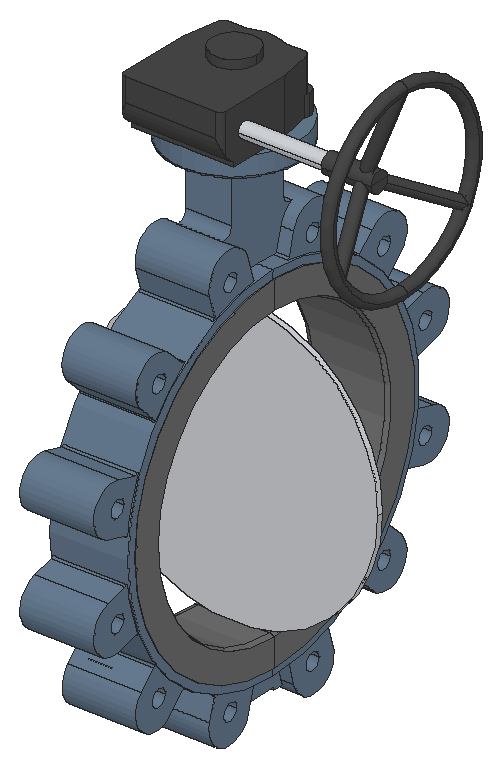
Revit family "Absperr- und Regulierklappe mit Getriebe AF-4219", category Rohrzubehör, Revit 2020 (continued)
Dimensions and locks
  "L01": Revolve 1 sketch curve to plane 3 "Mitte (Links/rechts)"
  "L02": plane 3 "Mitte (Links/rechts)" to Revolve 1 sketch curve  (x2)
  "D05": Revolve 6 sketch curve to plane 2
  "D04": Revolve 6 sketch curve to plane 2  (x2)
  "D02": Revolve 6 sketch curve to plane 2  (x2)
  "L03": plane 3 "Mitte (Links/rechts)" to Revolve 6 sketch curve
  "L02": Revolve 6 sketch curve to plane 3 "Mitte (Links/rechts)"
  "L03": Revolve 6 sketch curve to plane 3 "Mitte (Links/rechts)"
  "L01": plane 3 "Mitte (Links/rechts)" to Revolve 1 sketch curve
  "D02": Revolve 1 sketch curve to plane 2
  "L02": plane 3 "Mitte (Links/rechts)" to Revolve 6 sketch curve
  "D03": plane 2 to Revolve 6 sketch curve
  "L04": Revolve 6 sketch curve to plane 3 "Mitte (Links/rechts)" to Revolve 6 sketch curve
  "L01": curve 2 to plane 3 "Mitte (Links/rechts)" to curve 4
  equal spacing: curve 3, curve 6, curve 1
  equal spacing: curve 2, curve 6, curve 4
  "D01": curve 1 to plane 1 "Mitte (Vorne/hinten)" to curve 3
  "L01": curve 7 to curve 12 to curve 9
  "D01": curve 10 to curve 12 to curve 8
  "R99": radius of Revolve 2 sketch curve
  "D06": radius of Extrusion 7 sketch curve
  radius of curve 6 = 5 mm
  radius of curve 12 = 5 mm
  aligned and locked: level to plane 2
Automatic sketch dimensions
  Extrusion 3 sketch curve to Extrusion 3 sketch curve = 0 mm  (x20)
  Extrusion 3 sketch curve to level = 0 mm
  Extrusion 3 sketch curve to plane 1 "Mitte (Vorne/hinten)" = 0 mm
  plane 1 "Mitte (Vorne/hinten)" to Extrusion 3 sketch curve = 18.495 mm  (x2)
  Extrusion 3 sketch curve to Extrusion 3 sketch curve = 1.414 mm  (x16)
  Extrusion 3 sketch curve to Extrusion 3 sketch curve = 12.265 mm  (x8)
  Extrusion 3 sketch curve to level = 19.909 mm  (x2)
  Extrusion 3 sketch curve to Extrusion 3 sketch curve = 24.042 mm  (x8)
  level to Extrusion 3 sketch curve = 19.909 mm  (x2)
  Extrusion 3 sketch curve to Extrusion 3 sketch curve = 12.021 mm  (x12)
  Extrusion 3 sketch curve to plane 1 "Mitte (Vorne/hinten)" = 18.495 mm  (x2)
  Extrusion 3 sketch curve to Extrusion 3 sketch curve = 0.934 mm  (x4)
  Extrusion 4 sketch curve to level = 0 mm
  Extrusion 4 sketch curve to plane 1 "Mitte (Vorne/hinten)" = 0 mm
  plane 1 "Mitte (Vorne/hinten)" to Extrusion 4 sketch curve = 18.495 mm
  Extrusion 4 sketch curve to Extrusion 4 sketch curve = 1.414 mm  (x4)
  plane 1 "Mitte (Vorne/hinten)" to Extrusion 4 sketch curve = 20 mm
  Extrusion 4 sketch curve to Extrusion 4 sketch curve = 12.265 mm  (x2)
  Extrusion 4 sketch curve to Extrusion 4 sketch curve = 15 mm  (x2)
  Extrusion 4 sketch curve to Extrusion 4 sketch curve = 12.021 mm  (x4)
  Extrusion 4 sketch curve to plane 1 "Mitte (Vorne/hinten)" = 18.495 mm
  Extrusion 4 sketch curve to plane 1 "Mitte (Vorne/hinten)" = 20 mm
  level to Extrusion 4 sketch curve = 43.95 mm
  Extrusion 4 sketch curve to Extrusion 4 sketch curve = 0 mm
  Extrusion 4 sketch curve to Extrusion 4 sketch curve = 0.244 mm  (x2)
  Extrusion 4 sketch curve to Extrusion 4 sketch curve = 18.63 mm  (x2)
  Extrusion 4 sketch curve to Extrusion 4 sketch curve = 0.934 mm
  Extrusion 5 sketch curve to level = 0 mm
  Extrusion 5 sketch curve to plane 1 "Mitte (Vorne/hinten)" = 0 mm
  plane 1 "Mitte (Vorne/hinten)" to Extrusion 5 sketch curve = 15 mm
  Extrusion 5 sketch curve to Extrusion 5 sketch curve = 1.963 mm  (x2)
  Extrusion 5 sketch curve to Extrusion 5 sketch curve = 1.531 mm  (x2)
  Extrusion 5 sketch curve to Extrusion 5 sketch curve = 1.414 mm  (x4)
  Extrusion 5 sketch curve to Extrusion 5 sketch curve = 15.21 mm  (x2)
  Extrusion 5 sketch curve to Extrusion 5 sketch curve = 1.66 mm  (x2)
  Extrusion 5 sketch curve to Extrusion 5 sketch curve = 12.021 mm  (x3)
  Extrusion 5 sketch curve to plane 1 "Mitte (Vorne/hinten)" = 15 mm
  Extrusion 5 sketch curve to Extrusion 5 sketch curve = 1.037 mm  (x2)
  Extrusion 5 sketch curve to Extrusion 5 sketch curve = 1.4 mm  (x2)
  Extrusion 5 sketch curve to Extrusion 5 sketch curve = 1.785 mm  (x2)
  Extrusion 5 sketch curve to Extrusion 5 sketch curve = 12.635 mm  (x2)
  Extrusion 5 sketch curve to Extrusion 5 sketch curve = 0.934 mm
  Extrusion 5 sketch curve to Extrusion 5 sketch curve = 0.788 mm  (x2)
  Extrusion 5 sketch curve to Extrusion 5 sketch curve = 0 mm  (x2)
  Extrusion 4 sketch curve to Extrusion 4 sketch curve = 37.155 mm
  Extrusion 5 sketch curve to level = 43.95 mm
  Extrusion 8 sketch curve to Extrusion 8 sketch curve = 0 mm  (x12)
  Extrusion 8 sketch curve to level = 39.244 mm  (x2)
  plane 1 "Mitte (Vorne/hinten)" to Extrusion 8 sketch curve = 63.286 mm
  level to Extrusion 8 sketch curve = 39.244 mm  (x2)
  Extrusion 8 sketch curve to Extrusion 8 sketch curve = 9.19 mm  (x2)
  level to Extrusion 8 sketch curve = 28.614 mm  (x2)
  Extrusion 8 sketch curve to Extrusion 8 sketch curve = 1.441 mm  (x8)
  Extrusion 8 sketch curve to level = 28.614 mm  (x2)
  Extrusion 8 sketch curve to Extrusion 8 sketch curve = 12.021 mm  (x6)
  level to Extrusion 8 sketch curve = 63.286 mm  (x2)
  Extrusion 8 sketch curve to level = 63.286 mm  (x2)
  level to Extrusion 8 sketch curve = 52.636 mm  (x2)
  Extrusion 8 sketch curve to Extrusion 8 sketch curve = 10.65 mm  (x4)
  Extrusion 8 sketch curve to level = 52.636 mm  (x2)
  Extrusion 8 sketch curve to Extrusion 8 sketch curve = 1.414 mm  (x8)
  level to Extrusion 8 sketch curve = 0.001 mm  (x2)
  Extrusion 8 sketch curve to Extrusion 8 sketch curve = 28.594 mm
  Extrusion 8 sketch curve to level = 0.001 mm  (x2)
  Extrusion 8 sketch curve to Extrusion 8 sketch curve = 0.001 mm  (x2)
  Extrusion 8 sketch curve to Extrusion 8 sketch curve = 54.361 mm  (x2)
  Extrusion 8 sketch curve to Extrusion 8 sketch curve = 1.39 mm  (x2)
  Extrusion 8 sketch curve to Extrusion 8 sketch curve = 10.63 mm  (x2)
  Extrusion 8 sketch curve to Extrusion 8 sketch curve = 1.832 mm  (x2)
  Extrusion 9 sketch curve to Extrusion 9 sketch curve = 0 mm  (x5)
  Extrusion 9 sketch curve to level = 0 mm
  Extrusion 9 sketch curve to level = 51.265 mm
  plane 1 "Mitte (Vorne/hinten)" to Extrusion 9 sketch curve = 51.265 mm
  level to Extrusion 9 sketch curve = 51.265 mm
  Extrusion 9 sketch curve to Extrusion 9 sketch curve = 9.247 mm  (x3)
  Extrusion 9 sketch curve to level = 63.286 mm  (x2)
  Extrusion 9 sketch curve to Extrusion 9 sketch curve = 2.774 mm  (x4)
  level to Extrusion 9 sketch curve = 63.286 mm  (x2)
  Extrusion 9 sketch curve to Extrusion 9 sketch curve = 2.244 mm  (x2)
  Extrusion 9 sketch curve to Extrusion 9 sketch curve = 0.183 mm  (x2)
  level to Extrusion 9 sketch curve = 52.636 mm  (x2)
  Extrusion 9 sketch curve to Extrusion 9 sketch curve = 10.65 mm  (x3)
  Extrusion 9 sketch curve to level = 52.636 mm  (x2)
  Extrusion 9 sketch curve to Extrusion 9 sketch curve = 1.414 mm  (x8)
  Extrusion 9 sketch curve to Extrusion 9 sketch curve = 14.817 mm  (x2)
  Extrusion 9 sketch curve to Extrusion 9 sketch curve = 7.21 mm
  Extrusion 9 sketch curve to Extrusion 9 sketch curve = 1.971 mm
  Extrusion 9 sketch curve to Extrusion 9 sketch curve = 28.595 mm
  Extrusion 9 sketch curve to Extrusion 9 sketch curve = 36 mm
  Extrusion 9 sketch curve to Extrusion 9 sketch curve = 1.997 mm
  Extrusion 9 sketch curve to Extrusion 9 sketch curve = 44 mm
  Extrusion 9 sketch curve to Extrusion 9 sketch curve = 5.181 mm
  Extrusion 9 sketch curve to Extrusion 9 sketch curve = 7.184 mm
  Extrusion 9 sketch curve to Extrusion 9 sketch curve = 12.021 mm  (x2)
  Extrusion 9 sketch curve to Extrusion 9 sketch curve = 14.891 mm
  Extrusion 9 sketch curve to Extrusion 9 sketch curve = 6.473 mm
  Extrusion 9 sketch curve to Extrusion 9 sketch curve = 12.756 mm  (x2)
  Extrusion 9 sketch curve to Extrusion 9 sketch curve = 55.987 mm
  Extrusion 10 sketch curve to Extrusion 10 sketch curve = 0 mm  (x48)
  level to Extrusion 10 sketch curve = 14.909 mm  (x2)
  plane 1 "Mitte (Vorne/hinten)" to Extrusion 10 sketch curve = 80.416 mm
  Extrusion 10 sketch curve to level = 14.909 mm  (x2)
  Extrusion 10 sketch curve to Extrusion 10 sketch curve = 6.506 mm  (x6)
  Extrusion 10 sketch curve to level = 46.321 mm  (x2)
  level to Extrusion 10 sketch curve = 46.321 mm  (x2)
  Extrusion 10 sketch curve to level = 7.243 mm
  Extrusion 10 sketch curve to Extrusion 10 sketch curve = 13.321 mm
  level to Extrusion 10 sketch curve = 7.243 mm
  Extrusion 10 sketch curve to level = 9.076 mm  (x2)
  Extrusion 10 sketch curve to Extrusion 10 sketch curve = 0.759 mm  (x8)
  level to Extrusion 10 sketch curve = 9.076 mm  (x2)
  level to Extrusion 10 sketch curve = 40.487 mm  (x2)
  Extrusion 10 sketch curve to Extrusion 10 sketch curve = 14.082 mm  (x4)
  Extrusion 10 sketch curve to level = 40.487 mm  (x2)
  Extrusion 10 sketch curve to Extrusion 10 sketch curve = 0.758 mm  (x8)
  level to Extrusion 10 sketch curve = 67.405 mm  (x2)
  Extrusion 10 sketch curve to Extrusion 10 sketch curve = 6.243 mm  (x2)
  Extrusion 10 sketch curve to level = 67.405 mm  (x2)
  Extrusion 10 sketch curve to Extrusion 10 sketch curve = 10.245 mm  (x4)
  level to Extrusion 10 sketch curve = 53.322 mm  (x2)
  Extrusion 10 sketch curve to Extrusion 10 sketch curve = 1.831 mm  (x8)
  Extrusion 10 sketch curve to level = 53.322 mm  (x2)
  Extrusion 10 sketch curve to Extrusion 10 sketch curve = 15.706 mm  (x6)
  level to Extrusion 10 sketch curve = 80.416 mm  (x2)
  Extrusion 10 sketch curve to level = 80.416 mm  (x2)
  Extrusion 10 sketch curve to level = 66.335 mm  (x2)
  Extrusion 10 sketch curve to Extrusion 10 sketch curve = 5.832 mm  (x4)
  level to Extrusion 10 sketch curve = 66.335 mm  (x2)
  Extrusion 10 sketch curve to Extrusion 10 sketch curve = 1.833 mm  (x6)
  level to Extrusion 10 sketch curve = 0 mm
  Extrusion 10 sketch curve to Extrusion 10 sketch curve = 14.486 mm  (x2)
  Extrusion 10 sketch curve to Extrusion 10 sketch curve = 9.873 mm  (x2)
  Extrusion 10 sketch curve to Extrusion 10 sketch curve = 5.833 mm  (x2)
  Extrusion 10 sketch curve to Extrusion 10 sketch curve = 13.013 mm
  Extrusion 10 sketch curve to Extrusion 10 sketch curve = 14.081 mm  (x2)
  Extrusion 10 sketch curve to Extrusion 10 sketch curve = 1.973 mm  (x4)
  Extrusion 10 sketch curve to Extrusion 10 sketch curve = 1.544 mm  (x4)
  Extrusion 10 sketch curve to Extrusion 10 sketch curve = 1.243 mm  (x3)
  Extrusion 10 sketch curve to Extrusion 10 sketch curve = 0.211 mm  (x2)
  Extrusion 10 sketch curve to Extrusion 10 sketch curve = 0.002 mm  (x5)
  Extrusion 10 sketch curve to Extrusion 10 sketch curve = 0.213 mm  (x2)
  Extrusion 10 sketch curve to Extrusion 10 sketch curve = 41.076 mm
  Extrusion 10 sketch curve to level = 0 mm
  level to Extrusion 11 sketch curve = 100.814 mm
  plane 1 "Mitte (Vorne/hinten)" to Extrusion 11 sketch curve = 32 mm
  Extrusion 11 sketch curve to Extrusion 11 sketch curve = 1.385 mm
  Extrusion 11 sketch curve to Extrusion 11 sketch curve = 10 mm  (x2)
  Extrusion 11 sketch curve to level = 80.416 mm
  Extrusion 11 sketch curve to Extrusion 11 sketch curve = 15.706 mm  (x3)
  level to Extrusion 11 sketch curve = 80.416 mm  (x2)
  Extrusion 11 sketch curve to Extrusion 11 sketch curve = 1.409 mm
  Extrusion 11 sketch curve to level = 66.335 mm  (x2)
  Extrusion 11 sketch curve to Extrusion 11 sketch curve = 5.832 mm  (x3)
  level to Extrusion 11 sketch curve = 66.335 mm  (x2)
  Extrusion 11 sketch curve to Extrusion 11 sketch curve = 1.833 mm  (x4)
  level to Extrusion 11 sketch curve = 0.554 mm
  Extrusion 11 sketch curve to Extrusion 11 sketch curve = 9.076 mm
  Extrusion 11 sketch curve to level = 0.554 mm
  Extrusion 11 sketch curve to Extrusion 11 sketch curve = 0 mm  (x3)
  Extrusion 11 sketch curve to Extrusion 11 sketch curve = 14.486 mm  (x2)
  Extrusion 11 sketch curve to Extrusion 11 sketch curve = 44 mm
  Extrusion 11 sketch curve to Extrusion 11 sketch curve = 0.759 mm  (x4)
  Extrusion 11 sketch curve to Extrusion 11 sketch curve = 6.506 mm
  Extrusion 11 sketch curve to Extrusion 11 sketch curve = 42.686 mm
  Extrusion 11 sketch curve to level = 80.371 mm
  Extrusion 11 sketch curve to Extrusion 11 sketch curve = 1.39 mm
  Extrusion 11 sketch curve to Extrusion 11 sketch curve = 27 mm
  Extrusion 12 sketch curve to Extrusion 12 sketch curve = 0 mm  (x40)
  Extrusion 12 sketch curve to level = 0 mm
  level to Extrusion 12 sketch curve = 18.736 mm  (x2)
  plane 1 "Mitte (Vorne/hinten)" to Extrusion 12 sketch curve = 89.655 mm
  Extrusion 12 sketch curve to level = 18.736 mm  (x2)
  Extrusion 12 sketch curve to Extrusion 12 sketch curve = 6.506 mm  (x6)
  Extrusion 12 sketch curve to level = 50.147 mm  (x2)
  level to Extrusion 12 sketch curve = 50.147 mm  (x2)
  Extrusion 12 sketch curve to Extrusion 12 sketch curve = 13.415 mm  (x2)
  Extrusion 12 sketch curve to level = 12.858 mm  (x2)
  Extrusion 12 sketch curve to Extrusion 12 sketch curve = 0.776 mm  (x8)
  level to Extrusion 12 sketch curve = 12.858 mm  (x2)
  Extrusion 12 sketch curve to level = 44.269 mm  (x2)
  Extrusion 12 sketch curve to Extrusion 12 sketch curve = 14.192 mm  (x4)
  level to Extrusion 12 sketch curve = 44.269 mm  (x2)
  Extrusion 12 sketch curve to Extrusion 12 sketch curve = 0.775 mm  (x8)
  level to Extrusion 12 sketch curve = 76.644 mm  (x2)
  Extrusion 12 sketch curve to Extrusion 12 sketch curve = 11.529 mm  (x2)
  Extrusion 12 sketch curve to level = 76.644 mm  (x2)
  Extrusion 12 sketch curve to Extrusion 12 sketch curve = 4.008 mm  (x2)
  level to Extrusion 12 sketch curve = 62.451 mm  (x2)
  Extrusion 12 sketch curve to Extrusion 12 sketch curve = 1.871 mm  (x8)
  Extrusion 12 sketch curve to level = 62.451 mm  (x2)
  Extrusion 12 sketch curve to Extrusion 12 sketch curve = 15.706 mm  (x6)
  level to Extrusion 12 sketch curve = 89.655 mm  (x2)
  Extrusion 12 sketch curve to level = 89.655 mm  (x2)
  Extrusion 12 sketch curve to level = 75.464 mm  (x2)
  Extrusion 12 sketch curve to Extrusion 12 sketch curve = 5.878 mm  (x4)
  level to Extrusion 12 sketch curve = 75.464 mm  (x2)
  Extrusion 12 sketch curve to Extrusion 12 sketch curve = 1.873 mm  (x8)
  Extrusion 12 sketch curve to Extrusion 12 sketch curve = 21.969 mm  (x2)
  Extrusion 12 sketch curve to Extrusion 12 sketch curve = 9.827 mm  (x2)
  Extrusion 12 sketch curve to Extrusion 12 sketch curve = 5.879 mm  (x2)
  Extrusion 12 sketch curve to Extrusion 12 sketch curve = 15.537 mm  (x2)
  Extrusion 12 sketch curve to Extrusion 12 sketch curve = 13.013 mm
  Extrusion 12 sketch curve to Extrusion 12 sketch curve = 14.19 mm  (x2)
  Extrusion 12 sketch curve to Extrusion 12 sketch curve = 44.269 mm
  Extrusion 13 sketch curve to Extrusion 13 sketch curve = 0 mm  (x5)
  Extrusion 13 sketch curve to level = 0 mm
  level to Extrusion 13 sketch curve = 114.47 mm
  plane 1 "Mitte (Vorne/hinten)" to Extrusion 13 sketch curve = 41 mm
  Extrusion 13 sketch curve to level = 83.149 mm
  Extrusion 13 sketch curve to Extrusion 13 sketch curve = 6.558 mm  (x2)
  Extrusion 13 sketch curve to Extrusion 13 sketch curve = 15 mm  (x2)
  level to Extrusion 13 sketch curve = 89.655 mm  (x2)
  Extrusion 13 sketch curve to Extrusion 13 sketch curve = 15.706 mm  (x2)
  Extrusion 13 sketch curve to Extrusion 13 sketch curve = 5.236 mm  (x2)
  level to Extrusion 13 sketch curve = 75.464 mm  (x2)
  Extrusion 13 sketch curve to Extrusion 13 sketch curve = 5.878 mm  (x3)
  Extrusion 13 sketch curve to level = 75.464 mm  (x2)
  Extrusion 13 sketch curve to Extrusion 13 sketch curve = 1.873 mm  (x4)
  Extrusion 13 sketch curve to Extrusion 13 sketch curve = 12.858 mm
  Extrusion 13 sketch curve to Extrusion 13 sketch curve = 21.969 mm
  Extrusion 13 sketch curve to Extrusion 13 sketch curve = 3.345 mm
  Extrusion 13 sketch curve to Extrusion 13 sketch curve = 3 mm  (x2)
  Extrusion 13 sketch curve to Extrusion 13 sketch curve = 6.506 mm  (x3)
  Extrusion 13 sketch curve to Extrusion 13 sketch curve = 0.776 mm  (x4)
  Extrusion 13 sketch curve to Extrusion 13 sketch curve = 31.321 mm
  Extrusion 13 sketch curve to Extrusion 13 sketch curve = 52.53 mm
  Extrusion 13 sketch curve to Extrusion 13 sketch curve = 11.129 mm  (x2)
  Extrusion 13 sketch curve to Extrusion 13 sketch curve = 9.812 mm  (x2)
  Extrusion 13 sketch curve to Extrusion 13 sketch curve = 3.078 mm
  Extrusion 13 sketch curve to Extrusion 13 sketch curve = 21.68 mm
  Extrusion 13 sketch curve to Extrusion 13 sketch curve = 2.515 mm
  Extrusion 13 sketch curve to Extrusion 13 sketch curve = 52 mm
  Extrusion 14 sketch curve to Extrusion 14 sketch curve = 0 mm  (x22)
  Extrusion 14 sketch curve to level = 24.476 mm  (x2)
  plane 1 "Mitte (Vorne/hinten)" to Extrusion 14 sketch curve = 103.513 mm
  level to Extrusion 14 sketch curve = 24.476 mm  (x2)
  Extrusion 14 sketch curve to Extrusion 14 sketch curve = 6.506 mm  (x6)
  Extrusion 14 sketch curve to Extrusion 14 sketch curve = 11.623 mm  (x2)
  Extrusion 14 sketch curve to level = 19.351 mm  (x2)
  Extrusion 14 sketch curve to Extrusion 14 sketch curve = 0.749 mm  (x8)
  level to Extrusion 14 sketch curve = 19.351 mm  (x2)
  Extrusion 14 sketch curve to level = 55.888 mm  (x2)
  level to Extrusion 14 sketch curve = 55.888 mm  (x2)
  Extrusion 14 sketch curve to level = 50.783 mm  (x2)
  Extrusion 14 sketch curve to Extrusion 14 sketch curve = 12.323 mm  (x4)
  level to Extrusion 14 sketch curve = 50.783 mm  (x2)
  Extrusion 14 sketch curve to Extrusion 14 sketch curve = 0.774 mm  (x8)
  level to Extrusion 14 sketch curve = 90.502 mm  (x2)
  Extrusion 14 sketch curve to Extrusion 14 sketch curve = 21.517 mm  (x2)
  Extrusion 14 sketch curve to level = 90.502 mm  (x2)
  Extrusion 14 sketch curve to Extrusion 14 sketch curve = 3.235 mm  (x2)
  Extrusion 14 sketch curve to level = 78.179 mm  (x2)
  Extrusion 14 sketch curve to Extrusion 14 sketch curve = 1.869 mm  (x8)
  level to Extrusion 14 sketch curve = 78.179 mm  (x2)
  Extrusion 14 sketch curve to Extrusion 14 sketch curve = 15.706 mm  (x6)
  level to Extrusion 14 sketch curve = 103.513 mm  (x2)
  Extrusion 14 sketch curve to level = 103.513 mm  (x2)
  level to Extrusion 14 sketch curve = 91.141 mm  (x2)
  Extrusion 14 sketch curve to Extrusion 14 sketch curve = 5.125 mm  (x4)
  Extrusion 14 sketch curve to level = 91.141 mm  (x2)
  Extrusion 14 sketch curve to Extrusion 14 sketch curve = 1.809 mm  (x8)
  Extrusion 14 sketch curve to level = 0.103 mm  (x2)
  Extrusion 14 sketch curve to Extrusion 14 sketch curve = 90.896 mm
  level to Extrusion 14 sketch curve = 0.103 mm  (x2)
  Extrusion 14 sketch curve to Extrusion 14 sketch curve = 0.142 mm  (x7)
  Extrusion 14 sketch curve to Extrusion 14 sketch curve = 0.207 mm  (x2)
  Extrusion 14 sketch curve to Extrusion 14 sketch curve = 35.084 mm  (x2)
  Extrusion 14 sketch curve to Extrusion 14 sketch curve = 10.601 mm  (x2)
  Extrusion 14 sketch curve to Extrusion 14 sketch curve = 5.104 mm  (x2)
  Extrusion 14 sketch curve to Extrusion 14 sketch curve = 24.752 mm  (x2)
  Extrusion 14 sketch curve to Extrusion 14 sketch curve = 12.962 mm  (x2)
  Extrusion 14 sketch curve to Extrusion 14 sketch curve = 12.372 mm  (x2)
  Extrusion 14 sketch curve to level = 0.245 mm
  Extrusion 14 sketch curve to Extrusion 14 sketch curve = 1.933 mm  (x2)
  Extrusion 14 sketch curve to Extrusion 14 sketch curve = 0.314 mm  (x2)
  level to Extrusion 15 sketch curve = 97.007 mm
  plane 1 "Mitte (Vorne/hinten)" to Extrusion 15 sketch curve = 40.182 mm
  Extrusion 15 sketch curve to level = 97.007 mm
  Extrusion 15 sketch curve to Extrusion 15 sketch curve = 0 mm  (x7)
  Extrusion 15 sketch curve to Extrusion 15 sketch curve = 4.132 mm
  Extrusion 15 sketch curve to Extrusion 15 sketch curve = 10.048 mm  (x2)
  Extrusion 15 sketch curve to Extrusion 15 sketch curve = 15.706 mm  (x3)
  level to Extrusion 15 sketch curve = 103.513 mm  (x2)
  level to Extrusion 15 sketch curve = 91.141 mm  (x2)
  Extrusion 15 sketch curve to Extrusion 15 sketch curve = 5.125 mm  (x3)
  Extrusion 15 sketch curve to level = 91.141 mm  (x2)
  Extrusion 15 sketch curve to Extrusion 15 sketch curve = 1.809 mm  (x4)
  Extrusion 15 sketch curve to Extrusion 15 sketch curve = 10.974 mm  (x2)
  Extrusion 15 sketch curve to level = 0.111 mm
  Extrusion 15 sketch curve to Extrusion 15 sketch curve = 19.35 mm
  level to Extrusion 15 sketch curve = 0.111 mm
  Extrusion 15 sketch curve to Extrusion 15 sketch curve = 35.081 mm
  Extrusion 15 sketch curve to Extrusion 15 sketch curve = 4.041 mm
  Extrusion 15 sketch curve to level = 103.513 mm
  Extrusion 15 sketch curve to Extrusion 15 sketch curve = 9.998 mm  (x2)
  Extrusion 15 sketch curve to Extrusion 15 sketch curve = 3 mm
  Extrusion 15 sketch curve to Extrusion 15 sketch curve = 6.505 mm  (x2)
  Extrusion 15 sketch curve to Extrusion 15 sketch curve = 0.749 mm  (x4)
  Extrusion 15 sketch curve to Extrusion 15 sketch curve = 20.176 mm  (x2)
  Extrusion 15 sketch curve to Extrusion 15 sketch curve = 62.311 mm
  Extrusion 15 sketch curve to Extrusion 15 sketch curve = 0.048 mm
  Extrusion 15 sketch curve to Extrusion 15 sketch curve = 11.626 mm  (x2)
  Extrusion 15 sketch curve to Extrusion 15 sketch curve = 27 mm
  Extrusion 15 sketch curve to Extrusion 15 sketch curve = 52 mm
  Extrusion 16 sketch curve to Extrusion 16 sketch curve = 0 mm  (x23)
  Extrusion 16 sketch curve to level = 26.521 mm  (x2)
  plane 1 "Mitte (Vorne/hinten)" to Extrusion 16 sketch curve = 118.902 mm
  level to Extrusion 16 sketch curve = 26.521 mm  (x2)
  Extrusion 16 sketch curve to Extrusion 16 sketch curve = 8.036 mm  (x6)
  Extrusion 16 sketch curve to Extrusion 16 sketch curve = 15.875 mm  (x2)
  level to Extrusion 16 sketch curve = 65.323 mm  (x2)
  Extrusion 16 sketch curve to level = 65.323 mm  (x2)
  level to Extrusion 16 sketch curve = 19.621 mm  (x2)
  Extrusion 16 sketch curve to Extrusion 16 sketch curve = 0.782 mm  (x8)
  Extrusion 16 sketch curve to level = 19.621 mm  (x2)
  Extrusion 16 sketch curve to level = 58.409 mm  (x2)
  Extrusion 16 sketch curve to Extrusion 16 sketch curve = 16.693 mm  (x4)
  level to Extrusion 16 sketch curve = 58.409 mm  (x2)
  Extrusion 16 sketch curve to Extrusion 16 sketch curve = 0.763 mm  (x8)
  Extrusion 16 sketch curve to level = 102.829 mm  (x2)
  Extrusion 16 sketch curve to Extrusion 16 sketch curve = 20.05 mm  (x2)
  level to Extrusion 16 sketch curve = 102.829 mm  (x2)
  Extrusion 16 sketch curve to Extrusion 16 sketch curve = 5.074 mm  (x2)
  level to Extrusion 16 sketch curve = 86.136 mm  (x2)
  Extrusion 16 sketch curve to Extrusion 16 sketch curve = 1.841 mm  (x8)
  Extrusion 16 sketch curve to level = 86.136 mm  (x2)
  Extrusion 16 sketch curve to Extrusion 16 sketch curve = 19.401 mm  (x6)
  level to Extrusion 16 sketch curve = 118.902 mm  (x2)
  Extrusion 16 sketch curve to level = 118.902 mm  (x2)
  level to Extrusion 16 sketch curve = 102.246 mm  (x2)
  Extrusion 16 sketch curve to Extrusion 16 sketch curve = 6.899 mm  (x4)
  Extrusion 16 sketch curve to level = 102.246 mm  (x2)
  Extrusion 16 sketch curve to Extrusion 16 sketch curve = 1.887 mm  (x8)
  level to Extrusion 16 sketch curve = 0.002 mm  (x2)
  Extrusion 16 sketch curve to Extrusion 16 sketch curve = 86.133 mm
  Extrusion 16 sketch curve to level = 0.002 mm
  Extrusion 16 sketch curve to Extrusion 16 sketch curve = 0.001 mm  (x8)
  Extrusion 16 sketch curve to Extrusion 16 sketch curve = 35.469 mm  (x2)
  Extrusion 16 sketch curve to Extrusion 16 sketch curve = 12.487 mm  (x2)
  Extrusion 16 sketch curve to Extrusion 16 sketch curve = 6.914 mm  (x2)
  Extrusion 16 sketch curve to Extrusion 16 sketch curve = 25.124 mm  (x2)
  Extrusion 16 sketch curve to Extrusion 16 sketch curve = 16.11 mm
  Extrusion 16 sketch curve to Extrusion 16 sketch curve = 16.656 mm  (x2)
  Extrusion 16 sketch curve to level = 0.003 mm
  Extrusion 16 sketch curve to Extrusion 16 sketch curve = 2.019 mm  (x2)
  Extrusion 16 sketch curve to Extrusion 16 sketch curve = 0.309 mm  (x2)
  Extrusion 16 sketch curve to Extrusion 16 sketch curve = 0.004 mm  (x2)
  Extrusion 17 sketch curve to Extrusion 17 sketch curve = 0 mm  (x7)
  Extrusion 17 sketch curve to level = 0 mm
  Extrusion 17 sketch curve to plane 1 "Mitte (Vorne/hinten)" = 0 mm
  plane 1 "Mitte (Vorne/hinten)" to Extrusion 17 sketch curve = 13.5 mm
  plane 1 "Mitte (Vorne/hinten)" to Extrusion 17 sketch curve = 17.734 mm  (x2)
  Extrusion 17 sketch curve to Extrusion 17 sketch curve = 1.887 mm  (x4)
  plane 1 "Mitte (Vorne/hinten)" to Extrusion 17 sketch curve = 26 mm
  Extrusion 17 sketch curve to Extrusion 17 sketch curve = 0.521 mm
  Extrusion 17 sketch curve to Extrusion 17 sketch curve = 13.021 mm  (x2)
  Extrusion 17 sketch curve to Extrusion 17 sketch curve = 4.341 mm  (x2)
  Extrusion 17 sketch curve to Extrusion 17 sketch curve = 10 mm  (x2)
  Extrusion 17 sketch curve to Extrusion 17 sketch curve = 19.401 mm  (x4)
  Extrusion 17 sketch curve to plane 1 "Mitte (Vorne/hinten)" = 13.5 mm
  Extrusion 17 sketch curve to plane 1 "Mitte (Vorne/hinten)" = 17.734 mm  (x2)
  Extrusion 17 sketch curve to Extrusion 17 sketch curve = 6.899 mm
  Extrusion 17 sketch curve to level = 102.246 mm
  Extrusion 17 sketch curve to Extrusion 17 sketch curve = 0.782 mm  (x4)
  Extrusion 17 sketch curve to Extrusion 17 sketch curve = 8.62 mm  (x4)
  Extrusion 17 sketch curve to Extrusion 17 sketch curve = 16.656 mm  (x4)
  Extrusion 17 sketch curve to Extrusion 17 sketch curve = 3 mm
  level to Extrusion 17 sketch curve = 102.246 mm
  Extrusion 17 sketch curve to Extrusion 17 sketch curve = 16.098 mm  (x2)
  Extrusion 17 sketch curve to Extrusion 17 sketch curve = 64 mm
  Extrusion 17 sketch curve to Extrusion 17 sketch curve = 4.938 mm
  Extrusion 18 sketch curve to Extrusion 18 sketch curve = 0 mm  (x62)
  Extrusion 18 sketch curve to level = 0 mm
  Extrusion 18 sketch curve to level = 17.891 mm  (x2)
  plane 1 "Mitte (Vorne/hinten)" to Extrusion 18 sketch curve = 147.909 mm
  level to Extrusion 18 sketch curve = 17.891 mm  (x2)
  Extrusion 18 sketch curve to Extrusion 18 sketch curve = 5.435 mm  (x6)
  Extrusion 18 sketch curve to level = 58.46 mm  (x2)
  level to Extrusion 18 sketch curve = 58.46 mm  (x2)
  Extrusion 18 sketch curve to Extrusion 18 sketch curve = 15.462 mm  (x2)
  level to Extrusion 18 sketch curve = 13.612 mm  (x2)
  Extrusion 18 sketch curve to Extrusion 18 sketch curve = 0.509 mm  (x8)
  Extrusion 18 sketch curve to level = 13.612 mm  (x2)
  Extrusion 18 sketch curve to level = 54.199 mm  (x2)
  Extrusion 18 sketch curve to Extrusion 18 sketch curve = 15.903 mm  (x4)
  level to Extrusion 18 sketch curve = 54.199 mm  (x2)
  Extrusion 18 sketch curve to Extrusion 18 sketch curve = 0.53 mm  (x8)
  Extrusion 18 sketch curve to level = 89.449 mm  (x2)
  Extrusion 18 sketch curve to Extrusion 18 sketch curve = 1.459 mm  (x2)
  level to Extrusion 18 sketch curve = 89.449 mm  (x2)
  Extrusion 18 sketch curve to Extrusion 18 sketch curve = 10.302 mm  (x2)
  Extrusion 18 sketch curve to level = 77.758 mm  (x2)
  Extrusion 18 sketch curve to Extrusion 18 sketch curve = 1.389 mm  (x8)
  level to Extrusion 18 sketch curve = 77.758 mm  (x2)
  Extrusion 18 sketch curve to Extrusion 18 sketch curve = 14.849 mm  (x6)
  Extrusion 18 sketch curve to level = 119.147 mm  (x2)
  level to Extrusion 18 sketch curve = 119.147 mm  (x2)
  level to Extrusion 18 sketch curve = 107.506 mm  (x2)
  Extrusion 18 sketch curve to Extrusion 18 sketch curve = 11.642 mm  (x4)
  Extrusion 18 sketch curve to level = 107.506 mm  (x2)
  Extrusion 18 sketch curve to Extrusion 18 sketch curve = 1.448 mm  (x8)
  level to Extrusion 18 sketch curve = 137.039 mm  (x2)
  Extrusion 18 sketch curve to Extrusion 18 sketch curve = 17.899 mm  (x2)
  Extrusion 18 sketch curve to level = 137.039 mm  (x2)
  Extrusion 18 sketch curve to Extrusion 18 sketch curve = 2.283 mm  (x2)
  Extrusion 18 sketch curve to level = 121.136 mm  (x2)
  Extrusion 18 sketch curve to Extrusion 18 sketch curve = 1.978 mm  (x8)
  level to Extrusion 18 sketch curve = 121.136 mm  (x2)
  Extrusion 18 sketch curve to Extrusion 18 sketch curve = 20.284 mm  (x6)
  Extrusion 18 sketch curve to level = 147.909 mm  (x2)
  level to Extrusion 18 sketch curve = 147.909 mm  (x2)
  level to Extrusion 18 sketch curve = 131.939 mm  (x2)
  Extrusion 18 sketch curve to Extrusion 18 sketch curve = 4.279 mm  (x4)
  Extrusion 18 sketch curve to level = 131.939 mm  (x2)
  Extrusion 18 sketch curve to Extrusion 18 sketch curve = 1.898 mm  (x8)
  Extrusion 18 sketch curve to Extrusion 18 sketch curve = 13.612 mm
  Extrusion 18 sketch curve to Extrusion 18 sketch curve = 23.429 mm  (x2)
  Extrusion 18 sketch curve to Extrusion 18 sketch curve = 16.023 mm  (x2)
  Extrusion 18 sketch curve to Extrusion 18 sketch curve = 4.261 mm  (x2)
  Extrusion 18 sketch curve to Extrusion 18 sketch curve = 20.183 mm  (x2)
  Extrusion 18 sketch curve to Extrusion 18 sketch curve = 3.158 mm  (x2)
  Extrusion 18 sketch curve to Extrusion 18 sketch curve = 11.691 mm  (x2)
  Extrusion 18 sketch curve to Extrusion 18 sketch curve = 11.76 mm  (x2)
  Extrusion 18 sketch curve to Extrusion 18 sketch curve = 10.803 mm
  Extrusion 18 sketch curve to Extrusion 18 sketch curve = 15.97 mm  (x2)
  Extrusion 19 sketch curve to Extrusion 19 sketch curve = 0 mm  (x5)
  Extrusion 19 sketch curve to level = 0 mm
  Extrusion 19 sketch curve to level = 142.474 mm
  plane 1 "Mitte (Vorne/hinten)" to Extrusion 19 sketch curve = 38.176 mm
  level to Extrusion 19 sketch curve = 142.474 mm
  Extrusion 19 sketch curve to Extrusion 19 sketch curve = 8.163 mm
  Extrusion 19 sketch curve to Extrusion 19 sketch curve = 2.013 mm  (x2)
  Extrusion 19 sketch curve to level = 147.909 mm
  Extrusion 19 sketch curve to Extrusion 19 sketch curve = 20.284 mm  (x3)
  level to Extrusion 19 sketch curve = 147.909 mm  (x2)
  Extrusion 19 sketch curve to Extrusion 19 sketch curve = 10.109 mm
  Extrusion 19 sketch curve to level = 131.939 mm  (x2)
  Extrusion 19 sketch curve to Extrusion 19 sketch curve = 4.279 mm  (x4)
  level to Extrusion 19 sketch curve = 131.939 mm  (x2)
  Extrusion 19 sketch curve to Extrusion 19 sketch curve = 1.898 mm  (x4)
  Extrusion 19 sketch curve to Extrusion 19 sketch curve = 13.612 mm
  Extrusion 19 sketch curve to Extrusion 19 sketch curve = 23.429 mm  (x2)
  Extrusion 19 sketch curve to Extrusion 19 sketch curve = 56 mm
  Extrusion 19 sketch curve to Extrusion 19 sketch curve = 5.435 mm  (x2)
  Extrusion 19 sketch curve to Extrusion 19 sketch curve = 0.509 mm  (x4)
  Extrusion 19 sketch curve to Extrusion 19 sketch curve = 16.081 mm  (x2)
  Extrusion 19 sketch curve to Extrusion 19 sketch curve = 66.01 mm
  Extrusion 19 sketch curve to Extrusion 19 sketch curve = 1.832 mm  (x2)
  Extrusion 19 sketch curve to Extrusion 19 sketch curve = 0.173 mm
  Extrusion 20 sketch curve to level = 22.097 mm  (x2)
  plane 1 "Mitte (Vorne/hinten)" to Extrusion 20 sketch curve = 177.618 mm
  level to Extrusion 20 sketch curve = 22.097 mm  (x2)
  Extrusion 20 sketch curve to Extrusion 20 sketch curve = 0 mm  (x17)
  Extrusion 20 sketch curve to Extrusion 20 sketch curve = 6.47 mm  (x4)
  Extrusion 20 sketch curve to Extrusion 20 sketch curve = 2.415 mm  (x8)
  level to Extrusion 20 sketch curve = 70.393 mm  (x2)
  Extrusion 20 sketch curve to level = 70.393 mm  (x2)
  Extrusion 20 sketch curve to Extrusion 20 sketch curve = 18.556 mm  (x2)
  Extrusion 20 sketch curve to level = 16.983 mm  (x2)
  Extrusion 20 sketch curve to Extrusion 20 sketch curve = 0.529 mm  (x16)
  level to Extrusion 20 sketch curve = 16.983 mm  (x2)
  level to Extrusion 20 sketch curve = 65.28 mm  (x2)
  Extrusion 20 sketch curve to Extrusion 20 sketch curve = 19.085 mm  (x6)
  Extrusion 20 sketch curve to level = 65.28 mm  (x2)
  Extrusion 20 sketch curve to level = 107.956 mm  (x2)
  Extrusion 20 sketch curve to Extrusion 20 sketch curve = 2.085 mm  (x2)
  level to Extrusion 20 sketch curve = 107.956 mm  (x2)
  Extrusion 20 sketch curve to Extrusion 20 sketch curve = 12.527 mm  (x2)
  level to Extrusion 20 sketch curve = 93.984 mm  (x2)
  Extrusion 20 sketch curve to Extrusion 20 sketch curve = 1.445 mm  (x16)
  Extrusion 20 sketch curve to level = 93.984 mm  (x2)
  Extrusion 20 sketch curve to Extrusion 20 sketch curve = 17.678 mm  (x4)
  Extrusion 20 sketch curve to Extrusion 20 sketch curve = 1.768 mm  (x8)
  level to Extrusion 20 sketch curve = 143.311 mm  (x2)
  Extrusion 20 sketch curve to level = 143.311 mm  (x2)
  Extrusion 20 sketch curve to level = 129.34 mm  (x2)
  Extrusion 20 sketch curve to Extrusion 20 sketch curve = 13.971 mm  (x6)
  level to Extrusion 20 sketch curve = 129.34 mm  (x2)
  level to Extrusion 20 sketch curve = 164.981 mm  (x2)
  Extrusion 20 sketch curve to Extrusion 20 sketch curve = 22.118 mm  (x2)
  Extrusion 20 sketch curve to level = 164.981 mm  (x2)
  Extrusion 20 sketch curve to Extrusion 20 sketch curve = 3.14 mm  (x2)
  level to Extrusion 20 sketch curve = 145.897 mm  (x2)
  Extrusion 20 sketch curve to Extrusion 20 sketch curve = 1.974 mm  (x8)
  Extrusion 20 sketch curve to level = 145.897 mm  (x2)
  Extrusion 20 sketch curve to Extrusion 20 sketch curve = 24.148 mm  (x4)
  Extrusion 20 sketch curve to Extrusion 20 sketch curve = 0.647 mm  (x8)
  level to Extrusion 20 sketch curve = 177.922 mm  (x2)
  Extrusion 20 sketch curve to level = 177.922 mm  (x2)
  level to Extrusion 20 sketch curve = 158.837 mm  (x2)
  Extrusion 20 sketch curve to Extrusion 20 sketch curve = 5.114 mm  (x6)
  Extrusion 20 sketch curve to level = 158.837 mm  (x2)
  Extrusion 20 sketch curve to Extrusion 20 sketch curve = 1.973 mm  (x8)
  Extrusion 20 sketch curve to level = 0.226 mm  (x2)
  Extrusion 20 sketch curve to Extrusion 20 sketch curve = 158.098 mm
  level to Extrusion 20 sketch curve = 0.226 mm
  level to Extrusion 20 sketch curve = 0.072 mm
  Extrusion 20 sketch curve to Extrusion 20 sketch curve = 0.128 mm  (x3)
  Extrusion 20 sketch curve to level = 0.072 mm
  Extrusion 20 sketch curve to Extrusion 20 sketch curve = 0.061 mm  (x4)
  Extrusion 20 sketch curve to level = 0.036 mm  (x2)
  Extrusion 20 sketch curve to Extrusion 20 sketch curve = 0.324 mm
  Extrusion 20 sketch curve to Extrusion 20 sketch curve = 29.244 mm  (x2)
  Extrusion 20 sketch curve to Extrusion 20 sketch curve = 23.501 mm  (x2)
  Extrusion 20 sketch curve to Extrusion 20 sketch curve = 19.681 mm  (x2)
  Extrusion 20 sketch curve to Extrusion 20 sketch curve = 25.258 mm  (x2)
  Extrusion 20 sketch curve to Extrusion 20 sketch curve = 15.91 mm  (x2)
  Extrusion 20 sketch curve to Extrusion 20 sketch curve = 5.474 mm  (x2)
  Extrusion 20 sketch curve to Extrusion 20 sketch curve = 14.612 mm  (x2)
  Extrusion 20 sketch curve to Extrusion 20 sketch curve = 12.94 mm
  Extrusion 20 sketch curve to Extrusion 20 sketch curve = 4.056 mm  (x2)
  Extrusion 20 sketch curve to Extrusion 20 sketch curve = 0.035 mm  (x2)
  level to Extrusion 20 sketch curve = 0.036 mm  (x2)
  Extrusion 20 sketch curve to Extrusion 20 sketch curve = 0.154 mm
  Extrusion 20 sketch curve to Extrusion 20 sketch curve = 2.037 mm  (x4)
  Extrusion 20 sketch curve to Extrusion 20 sketch curve = 1.856 mm  (x4)
  Extrusion 20 sketch curve to Extrusion 20 sketch curve = 1.841 mm  (x4)
  Extrusion 20 sketch curve to Extrusion 20 sketch curve = 1.179 mm  (x4)
  Extrusion 20 sketch curve to Extrusion 20 sketch curve = 0.856 mm  (x4)
  Extrusion 20 sketch curve to Extrusion 20 sketch curve = 0.153 mm  (x4)
  level to Extrusion 21 sketch curve = 171.452 mm
  plane 1 "Mitte (Vorne/hinten)" to Extrusion 21 sketch curve = 45.94 mm
  Extrusion 21 sketch curve to level = 171.452 mm
  Extrusion 21 sketch curve to Extrusion 21 sketch curve = 0 mm  (x2)
  Extrusion 21 sketch curve to Extrusion 21 sketch curve = 6.907 mm
  Extrusion 21 sketch curve to Extrusion 21 sketch curve = 11.901 mm
  Extrusion 21 sketch curve to Extrusion 21 sketch curve = 1.957 mm  (x2)
  Extrusion 21 sketch curve to level = 177.922 mm  (x2)
  Extrusion 21 sketch curve to Extrusion 21 sketch curve = 17.241 mm
  level to Extrusion 21 sketch curve = 177.922 mm  (x2)
  Extrusion 21 sketch curve to Extrusion 21 sketch curve = 10.291 mm  (x2)
  Extrusion 21 sketch curve to Extrusion 21 sketch curve = 0.709 mm  (x2)
  level to Extrusion 21 sketch curve = 158.808 mm  (x2)
  Extrusion 21 sketch curve to Extrusion 21 sketch curve = 5.122 mm  (x3)
  Extrusion 21 sketch curve to level = 158.808 mm  (x2)
  Extrusion 21 sketch curve to Extrusion 21 sketch curve = 1.932 mm  (x4)
  level to Extrusion 21 sketch curve = 0.021 mm
  Extrusion 21 sketch curve to Extrusion 21 sketch curve = 16.588 mm
  Extrusion 21 sketch curve to Extrusion 21 sketch curve = 29.311 mm  (x2)
  Extrusion 21 sketch curve to Extrusion 21 sketch curve = 24.148 mm
  Extrusion 21 sketch curve to Extrusion 21 sketch curve = 17.557 mm
  Extrusion 21 sketch curve to Extrusion 21 sketch curve = 3 mm
  Extrusion 21 sketch curve to Extrusion 21 sketch curve = 6.47 mm  (x2)
  Extrusion 21 sketch curve to Extrusion 21 sketch curve = 0.518 mm  (x4)
  Extrusion 21 sketch curve to level = 0.021 mm
  Extrusion 21 sketch curve to Extrusion 21 sketch curve = 17.717 mm  (x2)
  Extrusion 21 sketch curve to Extrusion 21 sketch curve = 67.361 mm
  Extrusion 21 sketch curve to Extrusion 21 sketch curve = 0.12 mm  (x2)
  Extrusion 21 sketch curve to Extrusion 21 sketch curve = 17.951 mm
  Extrusion 21 sketch curve to Extrusion 21 sketch curve = 6.344 mm
  level to Extrusion 22 sketch curve = 28.91 mm  (x2)
  plane 1 "Mitte (Vorne/hinten)" to Extrusion 22 sketch curve = 204.485 mm
  Extrusion 22 sketch curve to level = 28.91 mm  (x2)
  Extrusion 22 sketch curve to Extrusion 22 sketch curve = 0 mm  (x9)
  Extrusion 22 sketch curve to Extrusion 22 sketch curve = 6.47 mm  (x4)
  Extrusion 22 sketch curve to Extrusion 22 sketch curve = 4.83 mm  (x8)
  Extrusion 22 sketch curve to level = 77.206 mm  (x2)
  level to Extrusion 22 sketch curve = 77.206 mm  (x2)
  Extrusion 22 sketch curve to Extrusion 22 sketch curve = 20.758 mm  (x2)
  level to Extrusion 22 sketch curve = 23.212 mm  (x2)
  Extrusion 22 sketch curve to Extrusion 22 sketch curve = 0.507 mm  (x8)
  Extrusion 22 sketch curve to level = 23.212 mm  (x2)
  Extrusion 22 sketch curve to level = 71.52 mm  (x2)
  Extrusion 22 sketch curve to Extrusion 22 sketch curve = 21.221 mm  (x4)
  level to Extrusion 22 sketch curve = 71.52 mm  (x2)
  Extrusion 22 sketch curve to Extrusion 22 sketch curve = 0.521 mm  (x8)
  level to Extrusion 22 sketch curve = 127.279 mm  (x2)
  Extrusion 22 sketch curve to Extrusion 22 sketch curve = 7.168 mm  (x2)
  Extrusion 22 sketch curve to level = 127.279 mm  (x2)
  Extrusion 22 sketch curve to Extrusion 22 sketch curve = 14.182 mm  (x2)
  Extrusion 22 sketch curve to level = 111.712 mm  (x2)
  Extrusion 22 sketch curve to Extrusion 22 sketch curve = 1.386 mm  (x8)
  level to Extrusion 22 sketch curve = 111.712 mm  (x2)
  Extrusion 22 sketch curve to Extrusion 22 sketch curve = 17.678 mm  (x4)
  Extrusion 22 sketch curve to Extrusion 22 sketch curve = 3.536 mm  (x8)
  level to Extrusion 22 sketch curve = 162.635 mm  (x2)
  Extrusion 22 sketch curve to level = 162.635 mm  (x2)
  Extrusion 22 sketch curve to level = 147.1 mm  (x2)
  Extrusion 22 sketch curve to Extrusion 22 sketch curve = 15.535 mm  (x4)
  level to Extrusion 22 sketch curve = 147.1 mm  (x2)
  Extrusion 22 sketch curve to Extrusion 22 sketch curve = 1.423 mm  (x8)
  level to Extrusion 22 sketch curve = 191.544 mm  (x2)
  Extrusion 22 sketch curve to Extrusion 22 sketch curve = 33.115 mm  (x2)
  Extrusion 22 sketch curve to level = 191.544 mm  (x2)
  Extrusion 22 sketch curve to Extrusion 22 sketch curve = 3.742 mm  (x2)
  Extrusion 22 sketch curve to level = 170.323 mm  (x2)
  Extrusion 22 sketch curve to Extrusion 22 sketch curve = 1.944 mm  (x8)
  level to Extrusion 22 sketch curve = 170.323 mm  (x2)
  Extrusion 22 sketch curve to Extrusion 22 sketch curve = 24.148 mm  (x4)
  Extrusion 22 sketch curve to Extrusion 22 sketch curve = 1.294 mm  (x8)
  Extrusion 22 sketch curve to level = 204.485 mm  (x2)
  level to Extrusion 22 sketch curve = 204.485 mm  (x2)
  level to Extrusion 22 sketch curve = 183.22 mm  (x2)
  Extrusion 22 sketch curve to Extrusion 22 sketch curve = 5.698 mm  (x4)
  Extrusion 22 sketch curve to level = 183.22 mm  (x2)
  Extrusion 22 sketch curve to Extrusion 22 sketch curve = 1.893 mm  (x8)
  Extrusion 22 sketch curve to level = 0.029 mm
  Extrusion 22 sketch curve to Extrusion 22 sketch curve = 147.001 mm
  level to Extrusion 22 sketch curve = 0.029 mm  (x2)
  Extrusion 22 sketch curve to Extrusion 22 sketch curve = 0.008 mm  (x4)
  Extrusion 22 sketch curve to Extrusion 22 sketch curve = 0.029 mm  (x4)
  Extrusion 22 sketch curve to Extrusion 22 sketch curve = 0.057 mm  (x4)
  Extrusion 22 sketch curve to Extrusion 22 sketch curve = 42.638 mm  (x2)
  Extrusion 22 sketch curve to Extrusion 22 sketch curve = 22.854 mm  (x2)
  Extrusion 22 sketch curve to Extrusion 22 sketch curve = 19.756 mm  (x2)
  Extrusion 22 sketch curve to Extrusion 22 sketch curve = 5.686 mm  (x2)
  Extrusion 22 sketch curve to Extrusion 22 sketch curve = 36.857 mm  (x2)
  Extrusion 22 sketch curve to Extrusion 22 sketch curve = 14.142 mm  (x2)
  Extrusion 22 sketch curve to Extrusion 22 sketch curve = 5.646 mm  (x2)
  Extrusion 22 sketch curve to Extrusion 22 sketch curve = 15.567 mm  (x2)
  Extrusion 22 sketch curve to Extrusion 22 sketch curve = 21.349 mm  (x2)
  Extrusion 22 sketch curve to Extrusion 22 sketch curve = 12.897 mm
  Extrusion 22 sketch curve to Extrusion 22 sketch curve = 1.641 mm  (x2)
  Extrusion 22 sketch curve to Extrusion 22 sketch curve = 21.266 mm  (x2)
  Extrusion 22 sketch curve to level = 0.066 mm
  Extrusion 22 sketch curve to Extrusion 22 sketch curve = 0.037 mm
  Extrusion 22 sketch curve to Extrusion 22 sketch curve = 0.014 mm  (x4)
  Extrusion 22 sketch curve to Extrusion 22 sketch curve = 0.023 mm  (x3)
  Extrusion 22 sketch curve to Extrusion 22 sketch curve = 1.959 mm  (x2)
  Extrusion 22 sketch curve to Extrusion 22 sketch curve = 1.725 mm  (x2)
  Extrusion 23 sketch curve to Extrusion 23 sketch curve = 0 mm  (x4)
  Extrusion 23 sketch curve to level = 0 mm
  level to Extrusion 23 sketch curve = 198.015 mm
  plane 1 "Mitte (Vorne/hinten)" to Extrusion 23 sketch curve = 53.058 mm
  Extrusion 23 sketch curve to Extrusion 23 sketch curve = 11.058 mm
  Extrusion 23 sketch curve to Extrusion 23 sketch curve = 10 mm  (x2)
  Extrusion 23 sketch curve to Extrusion 23 sketch curve = 21.696 mm
  Extrusion 23 sketch curve to level = 204.485 mm
  Extrusion 23 sketch curve to Extrusion 23 sketch curve = 2.452 mm  (x2)
  level to Extrusion 23 sketch curve = 204.485 mm  (x2)
  Extrusion 23 sketch curve to Extrusion 23 sketch curve = 24.148 mm  (x3)
  Extrusion 23 sketch curve to level = 183.22 mm  (x2)
  Extrusion 23 sketch curve to Extrusion 23 sketch curve = 5.698 mm  (x3)
  level to Extrusion 23 sketch curve = 183.22 mm  (x2)
  Extrusion 23 sketch curve to Extrusion 23 sketch curve = 1.893 mm  (x4)
  Extrusion 23 sketch curve to Extrusion 23 sketch curve = 7.91 mm  (x2)
  Extrusion 23 sketch curve to Extrusion 23 sketch curve = 23.212 mm
  Extrusion 23 sketch curve to Extrusion 23 sketch curve = 42 mm
  Extrusion 23 sketch curve to Extrusion 23 sketch curve = 42.638 mm
  Extrusion 23 sketch curve to Extrusion 23 sketch curve = 0.319 mm
  Extrusion 23 sketch curve to Extrusion 23 sketch curve = 64 mm
  Extrusion 23 sketch curve to Extrusion 23 sketch curve = 2.951 mm
  Extrusion 23 sketch curve to Extrusion 23 sketch curve = 3 mm  (x2)
  Extrusion 23 sketch curve to Extrusion 23 sketch curve = 12.421 mm
  Extrusion 23 sketch curve to Extrusion 23 sketch curve = 0.507 mm  (x4)
  Extrusion 23 sketch curve to Extrusion 23 sketch curve = 6.47 mm
  Extrusion 23 sketch curve to Extrusion 23 sketch curve = 26.515 mm  (x2)
  Extrusion 23 sketch curve to Extrusion 23 sketch curve = 57 mm
  Extrusion 23 sketch curve to Extrusion 23 sketch curve = 0.014 mm  (x2)
  curve 12 to level = 0 mm
  curve 12 to plane 3 "Mitte (Links/rechts)" = 0 mm
  Revolve 1 sketch curve to level = 0 mm
  Revolve 1 sketch curve to Revolve 1 sketch curve = 1330.49 mm
  Revolve 1 sketch curve to Revolve 1 sketch curve = 1877.483 mm
  Revolve 2 sketch curve to plane 3 "Mitte (Links/rechts)" = 0 mm  (x2)
  Revolve 2 sketch curve to Revolve 2 sketch curve = 0.333 mm
  Revolve 2 sketch curve to level = 366.045 mm
  Revolve 2 sketch curve to Revolve 2 sketch curve = 2089.315 mm
  Revolve 6 sketch curve to level = 0 mm
  Revolve 6 sketch curve to Revolve 6 sketch curve = 1463.783 mm
  Revolve 6 sketch curve to Revolve 6 sketch curve = 1741.775 mm
  Extrusion 7 sketch curve to level = 0 mm
  Extrusion 7 sketch curve to plane 3 "Mitte (Links/rechts)" = 0 mm
  radius of Extrusion 3 sketch curve = 6.92 mm  (x4)
  radius of Extrusion 8 sketch curve = 6.92 mm  (x4)
  radius of Extrusion 10 sketch curve = 6.92 mm  (x8)
  radius of Extrusion 12 sketch curve = 6.92 mm  (x8)
  radius of Extrusion 14 sketch curve = 6.92 mm  (x8)
  radius of Extrusion 16 sketch curve = 8.645 mm  (x8)
  radius of Extrusion 18 sketch curve = 8.645 mm  (x12)
  radius of Extrusion 20 sketch curve = 8.645 mm  (x12)
  radius of Extrusion 22 sketch curve = 8.645 mm  (x12)
Nested families
  nested 1: "Herz-Logo-vorne" at (-15, 0, 92), visible <- "DN50", type "Herz-Logo-vorne", detail levels fine
  nested 2: "Herz-Logo-vorne" at (-18, 0, 116.5), visible <- "DN65", type "Herz-Logo-vorne", detail levels fine
  nested 3: "Herz-Logo-vorne" at (-18.5, 0, 123.5), visible <- "DN80", type "Herz-Logo-vorne", detail levels fine
  nested 4: "Herz-Logo-vorne" at (-18, 0, 147), visible <- "DN100", type "Herz-Logo-vorne", detail levels fine
  nested 5: "Herz-Logo-vorne" at (-18, 0, 166), visible <- "DN125", type "Herz-Logo-vorne", detail levels fine
  nested 6: "Herz-Logo-vorne" at (-18, 0, 179), visible <- "DN150", type "Herz-Logo-vorne", detail levels fine
  nested 7: "Herz-Logo-vorne" at (-20, 0, 210), visible <- "DN200", type "Herz-Logo-vorne", detail levels fine
  nested 8: "Herz-Logo-vorne" at (-23, 0, 243), visible <- "DN250", type "Herz-Logo-vorne", detail levels fine
  nested 9: "Herz-Logo-vorne" at (-23, 0, 268), visible <- "DN300", type "Herz-Logo-vorne", detail levels fine
  nested 10: "Getriebe für Klappe DN50-DN200" at (0, 0, 125), visible <- "DN50", type "Getriebe für Klappe DN50-DN200"
  nested 11: "Getriebe für Klappe DN50-DN200" at (0, 0, 149.5), visible <- "DN65", type "Getriebe für Klappe DN50-DN200"
  nested 12: "Getriebe für Klappe DN50-DN200" at (0, 0, 156.5), visible <- "DN80", type "Getriebe für Klappe DN50-DN200"
  nested 13: "Getriebe für Klappe DN50-DN200" at (0, 0, 182), visible <- "DN100", type "Getriebe für Klappe DN50-DN200"
  nested 14: "Getriebe für Klappe DN50-DN200" at (0, 0, 201), visible <- "DN125", type "Getriebe für Klappe DN50-DN200"
  nested 15: "Getriebe für Klappe DN50-DN200" at (0, 0, 214), visible <- "DN150", type "Getriebe für Klappe DN50-DN200"
  nested 16: "Getriebe für Klappe DN50-DN200" at (0, 0, 245), visible <- "DN200", type "Getriebe für Klappe DN50-DN200"
  nested 17: "Getriebe für Klappe DN250-DN300" at (0, 0, 283), visible <- "DN250", type "Getriebe für Klappe DN250-DN300"
  nested 18: "Getriebe für Klappe DN250-DN300" at (0, 0, 308), visible <- "DN300", type "Getriebe für Klappe DN250-DN300"
Connectors
  piping at (-40.5, 0, 0), diameter 300, driven by "Nennweite"
    settings: on Revolve 6, index 1, connector inside diameter 609.6 mm, connector length 0 mm, flow factor 0, pipe flow 0.0 L/s, pressure drop 0.0 Pa, fitting loss kfactor 0, connector angle 0.00°, fixture units 0, engagement length 0 mm, angle of deflection 0.00°, flow configuration 0, flow direction 0, fitting loss method 0, system type 29, joint type 0, gender type 0, connector reference index -1, connector utility 0, adjustable connector no, is connector primary yes, connector description ""
  piping at (40.5, 0, 0), diameter 300, driven by "Nennweite"
    settings: on Revolve 6, index 2, connector inside diameter 609.6 mm, connector length 0 mm, flow factor 0, pipe flow 0.0 L/s, pressure drop 0.0 Pa, fitting loss kfactor 0, connector angle 0.00°, fixture units 0, engagement length 0 mm, angle of deflection 0.00°, flow configuration 0, flow direction 0, fitting loss method 0, system type 29, joint type 0, gender type 0, connector reference index -1, connector utility 0, adjustable connector no, is connector primary no, connector description ""
Definition of nested family "Herz-Logo-vorne"
  Parameters (values of type "Herz-Logo-vorne")
    Default Elevation = 0 mm
  Reference planes
    plane 1 "Mitte (Vorne/hinten)": y = 0
    plane 2: z = 0
    plane 3 "Mitte (Links/rechts)": x = 0
  Forms (mm)
    Extrusion 1, solid
      sketch origin (0.732, -0.018, 0.017) x (0, -1, 0) y (0, 0, 1)
        loop
          line (-0.018, -4.517) -> (4.482, -4.517) -> (4.482, 4.483) -> (-4.518, 4.483) -> (-4.518, -4.517) -> (-0.018, -4.517)
        loop
          line (-0.05, -3.48) -> (3.482, -3.48) -> (3.482, 3.483) -> (-3.518, 3.483) -> (-3.518, -3.48) -> (-0.05, -3.48)
        loop
          arc (-0.018, 2.383) -> (-1.543, 3.287) -> (-3.067, 2.383) r 1.738
          arc (-3.067, 2.383) -> (-3.191, 1.899) -> (-3.067, 1.415) r 1.009
          line (-3.067, 1.415) -> (-0.018, -3.281) -> (3.032, 1.415)
          arc (3.032, 1.415) -> (3.156, 1.899) -> (3.032, 2.383) r 1.009
          arc (3.032, 2.383) -> (1.507, 3.287) -> (-0.018, 2.383) r 1.738
        loop
          arc (1.885, 1.272) -> (2.005, 1.675) -> (1.885, 2.079) r 0.74
          arc (1.885, 2.079) -> (1.265, 2.416) -> (0.644, 2.079) r 0.74
          line (0.644, 2.079) -> (-0.018, 0.97) -> (-0.679, 2.079)
          arc (-0.679, 2.079) -> (-1.3, 2.416) -> (-1.921, 2.079) r 0.74
          arc (-1.921, 2.079) -> (-2.04, 1.675) -> (-1.921, 1.272) r 0.74
          line (-1.921, 1.272) -> (-0.018, -1.658) -> (1.885, 1.272)
      from 0 to 1.5
  Dimensions and locks
    aligned and locked: level to plane 2
Definition of nested family "Getriebe für Klappe DN50-DN200"
  Parameters (values of type "Getriebe für Klappe DN50-DN200")
    W01 = 11.19°  # constant formula
    Default Elevation = 0 mm
    URL = "www.herz-armaturen.at"
    R07 = 92 mm  # constant formula
    R06 = 6 mm  # constant formula
    R05 = 10 mm  # constant formula
    R04 = 7.5 mm  # constant formula
    R03 = 10.5 mm  # constant formula
    R02 = 5.4 mm  # constant formula
    R01 = 44.9 mm  # constant formula
    M01 = 37 mm  # constant formula
    L03 = 52 mm  # constant formula
    L02 = 39.6 mm  # constant formula
    L01 = 80 mm  # constant formula
    Manufacturer = "Herz-Armaturen GmbH"  # constant formula
    H03 = 28.6 mm  # constant formula
    H02 = 20 mm  # constant formula
    H01 = 54 mm  # constant formula
    B05 = 209 mm  # constant formula
    B04 = 22 mm  # constant formula
    B03 = 50 mm  # constant formula
    B02 = 159 mm  # constant formula
    B01 = 51 mm  # constant formula
    A01 = 28.6 mm  # constant formula
  Reference planes
    plane 1 "Mitte (Vorne/hinten)": y = 0
    plane 2: z = 0
    plane 3 "Mitte (Links/rechts)": x = 0
  Forms (mm)
    Extrusion 1, solid, detail levels fine
      sketch origin (0, 0, 0) x (1, 0, 0) y (0, 1, 0)
        loop
          line (51, 0) -> (43.999, 35.392)
          arc (43.999, 35.392) -> (42.103, 38.419) -> (38.732, 39.6) r 5.4
          line (38.732, 39.6) -> (20.252, 39.6)
          arc (20.252, 39.6) -> (0, 44.427) -> (-20.252, 39.6) r 44.9
          line (-20.252, 39.6) -> (-38.732, 39.6)
          arc (-38.732, 39.6) -> (-42.103, 38.419) -> (-43.999, 35.392) r 5.4
          line (-43.999, 35.392) -> (-51, 0) -> (-51, -74.6)
          arc (-51, -74.6) -> (-49.418, -78.418) -> (-45.6, -80) r 5.4
          line (-45.6, -80) -> (45.6, -80)
          arc (45.6, -80) -> (49.418, -78.418) -> (51, -74.6) r 5.4
          line (51, -74.6) -> (51, 0)
      from 0 to 54
    Extrusion 2, solid, detail levels fine
      sketch origin (0, 0, 0) x (1, 0, 0) y (0, 1, 0)
        loop
          circle (-35.7, 37) r 10.5
        loop
          circle (35.7, 37) r 10.5
      from 0 to 20
    Extrusion 3, void
      sketch origin (0, 0, 0) x (0, 1, 0) y (0, 0, 1)
        loop
          line (-80, 0) -> (-64.573, 0) -> (-64.573, 4.9)
          arc (-64.573, 4.9) -> (-75.841, 15.433) -> (-80, 30.286) r 28.6
          line (-80, 30.286) -> (-80, 0)
      from -51 to 51
    Revolve 4, solid, detail levels fine
      sketch origin (0, 0, 28.6) x (1, 0, 0) y (0, 1, 0)
        loop
          line (0, -52) -> (0, -59.5) -> (159, -59.5) -> (159, -52) -> (0, -52)
        axis (0, -52) -> (159, -52)
      angle from 0 to 360
    Extrusion 5, solid, detail levels fine
      sketch origin (0, 0, 0) x (1, 0, 0) y (0, 1, 0)
        loop
          circle (0, 0) r 22.3
      from 54 to 63
    Revolve 6, solid, detail levels fine
      sketch origin (0, -52, 28.6) x (1, 0, 0) y (0, 0, 1)
        loop
          circle (209, 92) r 6
        axis (203, 0) -> (215, 0)
      angle from 0 to 360
    Revolve 7, solid, detail levels fine
      sketch origin (0, -52, 0) x (1, 0, 0) y (0, 0, 1)
        loop
          line (209, 120.6) -> (172, 28.6) -> (177.567, 26.361) -> (214.567, 118.361) -> (209, 120.6)
        axis (172, 28.6) -> (209, 120.6)
      angle from 0 to 360
    Revolve 8, solid, detail levels fine
      sketch origin (0, 0, 28.6) x (1, 0, 0) y (0, 1, 0)
        loop
          line (137, -59.5) -> (137, -62) -> (187, -62) -> (187, -52) -> (159, -52) -> (159, -59.5) -> (137, -59.5)
        axis (137, -52) -> (187, -52)
      angle from 0 to 360
    Revolve 9, solid, detail levels fine
      sketch origin (0, -27.232, 42.9) x (1, 0, 0) y (0, -0.866025, -0.5)
        loop
          line (209, 120.6) -> (172, 28.6) -> (177.567, 26.361) -> (214.567, 118.361) -> (209, 120.6)
        axis (172, 28.6) -> (209, 120.6)
      angle from 0 to 360
    Revolve 10, solid, detail levels fine
      sketch origin (0, -76.768, 42.9) x (1, 0, 0) y (0, 0.866025, -0.5)
        loop
          line (209, 120.6) -> (172, 28.6) -> (177.567, 26.361) -> (214.567, 118.361) -> (209, 120.6)
        axis (172, 28.6) -> (209, 120.6)
      angle from 0 to 360
  Cuts and joins
    Extrusion 3 cuts Extrusion 1
  Dimensions and locks
    "B01": Extrusion 1 sketch curve to plane 3 "Mitte (Links/rechts)"
    "B01": plane 3 "Mitte (Links/rechts)" to Extrusion 1 sketch curve
    "L02": plane 1 "Mitte (Vorne/hinten)" to Extrusion 1 sketch curve  (x2)
    "L01": Extrusion 1 sketch curve to plane 1 "Mitte (Vorne/hinten)"
    "M01": plane 1 "Mitte (Vorne/hinten)" to Extrusion 2 sketch curve  (x2)
    "H01": Extrusion 1 to plane 2
    "H02": Extrusion 2 to plane 2
    "L03": Revolve 4 sketch curve to plane 1 "Mitte (Vorne/hinten)"
    "R04": Revolve 4 sketch curve to Revolve 4 sketch curve
    "B02": Revolve 4 sketch curve to Revolve 4 sketch curve
    "H03": Revolve 8 to plane 2
    "H03": Revolve 4 to plane 2
    "L03": Revolve 8 sketch curve to plane 1 "Mitte (Vorne/hinten)"
    "B02": plane 3 "Mitte (Links/rechts)" to Revolve 8 sketch curve
    "R05": Revolve 8 sketch curve to Revolve 8 sketch curve
    "B03": Revolve 8 sketch curve to Revolve 8 sketch curve
    "B04": Revolve 8 sketch curve to Revolve 8 sketch curve
    "R04": Revolve 8 sketch curve to Revolve 8 sketch curve
